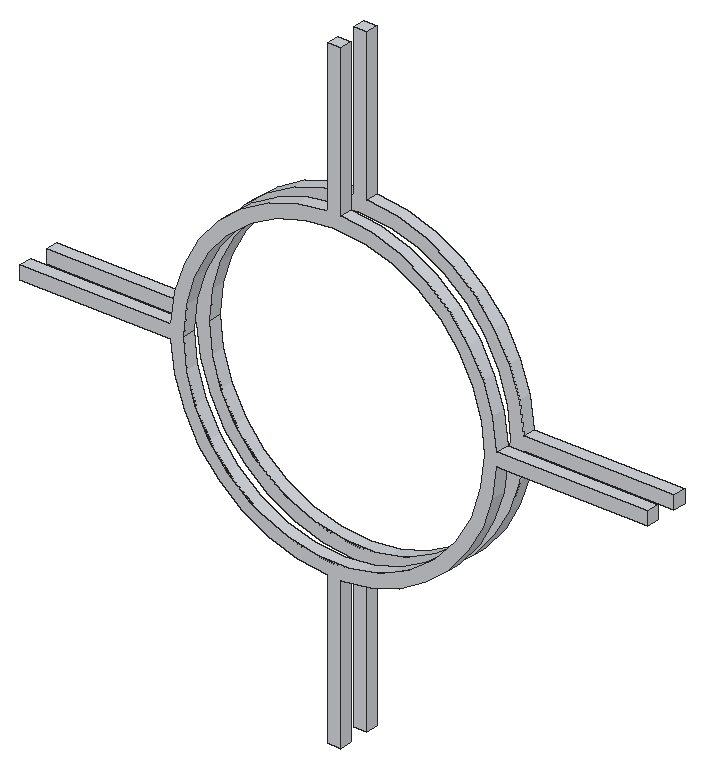
Revit family "412215d93a874b9fa01b81d78bf0e8f5", category Generic Models, Revit 2021
Family settings
  Can host rebar = No
  Round Connector Dimension = Use Diameter
  Part Type = Normal
  Work Plane-Based = No
  Always vertical = Yes
  Cut with Voids When Loaded = No
  Shared = Yes
  Room Calculation Point = No
Parameters
  Thickness = 0' - 0 1/2"
  R Interior = Radius - 0' 0 1/4"  # 0' - 5 3/4"
  R Exterior = Radius + 0' 0 1/4"  # 0' - 6 1/4"
  Width [instance] = 2' - 0"
  Radius = 0' - 6"
  Height [instance] = 2' - 0"
  Interior Material [instance] = none
  Exterior Material [instance] = none
  Distance = 0' - 0 3/4"
  Default Elevation = 0' - 0"
Reference planes (in)
  plane 1 "Center (Front/Back)": y = 0
  plane 2: z = 0
  plane 3 "Center (Left/Right)": x = 0
  plane 4: z = 24
  plane 5: x = -12
  plane 6: x = 12
  plane 7: z = 12
  plane 8 "a": y = 0.375
  plane 9 "b": y = -0.375
  plane 10: z = 12.25
  plane 11: z = 11.75
  plane 12: x = -0.25
  plane 13: x = 0.25
  plane 14: y = 0.875
  plane 15: y = -0.875
  plane 16: x = -6
  plane 17: x = 6
  plane 18: z = 18
  plane 19: z = 6
Forms (in)
  Extrusion 1, solid, material <- "Exterior Material", detail levels fine
    sketch origin (0, 0.375, 0) x (-1, 0, 0) y (0, 0, 1)
      loop
        circle (0, 12) r 5.75
      loop
        arc (6.245, 12.25) -> (4.41942, 16.41942) -> (0.25, 18.245) r 6.25
        line (0.25, 18.245) -> (0.25, 24) -> (-0.25, 24) -> (-0.25, 18.245)
        arc (-0.25, 18.245) -> (-4.41942, 16.41942) -> (-6.245, 12.25) r 6.25
        line (-6.245, 12.25) -> (-12, 12.25) -> (-12, 11.75) -> (-6.245, 11.75)
        arc (-6.245, 11.75) -> (-4.41942, 7.58058) -> (-0.25, 5.755) r 6.25
        line (-0.25, 5.755) -> (-0.25, 0) -> (0.25, 0) -> (0.25, 5.755)
        arc (0.25, 5.755) -> (4.41942, 7.58058) -> (6.245, 11.75) r 6.25
        line (6.245, 11.75) -> (12, 11.75) -> (12, 12.25) -> (6.245, 12.25)
    from 0 to 0.5
  Extrusion 2, solid, material <- "Interior Material", detail levels fine
    sketch origin (0, -0.375, 0) x (-1, 0, 0) y (0, 0, 1)
      loop
        circle (0, 12) r 5.75
      loop
        arc (6.245, 12.25) -> (4.41942, 16.41942) -> (0.25, 18.245) r 6.25
        line (0.25, 18.245) -> (0.25, 24) -> (-0.25, 24) -> (-0.25, 18.245)
        arc (-0.25, 18.245) -> (-4.41942, 16.41942) -> (-6.245, 12.25) r 6.25
        line (-6.245, 12.25) -> (-12, 12.25) -> (-12, 11.75) -> (-6.245, 11.75)
        arc (-6.245, 11.75) -> (-4.41942, 7.58058) -> (-0.25, 5.755) r 6.25
        line (-0.25, 5.755) -> (-0.25, 0) -> (0.25, 0) -> (0.25, 5.755)
        arc (0.25, 5.755) -> (4.41942, 7.58058) -> (6.245, 11.75) r 6.25
        line (6.245, 11.75) -> (12, 11.75) -> (12, 12.25) -> (6.245, 12.25)
    from 0 to -0.5
Lines and regions (in)
  model lines, detail levels medium
    curve 1: circle (0, 0.375, 12) r 6 normal (0, -1, 0)
    curve 2: line (0, 0.375, 24) -> (0, 0.375, 18)
    curve 3: line (6, 0.375, 12) -> (12, 0.375, 12)
    curve 4: line (0, 0.375, 6) -> (0, 0.375, 0)
    curve 5: line (-6, 0.375, 12) -> (-12, 0.375, 12)
    curve 6: line (0, -0.375, 24) -> (0, -0.375, 18)
    curve 7: line (6, -0.375, 12) -> (12, -0.375, 12)
    curve 8: line (0, -0.375, 6) -> (0, -0.375, 0)
    curve 9: line (-6, -0.375, 12) -> (-12, -0.375, 12)
    curve 10: circle (0, -0.375, 12) r 6 normal (0, -1, 0)
Dimensions and locks (in)
  equal spacing: plane 6, plane 3 "Center (Left/Right)", plane 5
  "Width": plane 6 to plane 5
  "Height": plane 4 to plane 2
  equal spacing: plane 4, plane 7, plane 2
  equal spacing: plane 8 "a", plane 1 "Center (Front/Back)", plane 9 "b"
  "Distance": plane 8 "a" to plane 9 "b"
  locked: plane 10 to plane 7 at 0.25
  locked: plane 7 to plane 11 at 0.25
  locked: plane 3 "Center (Left/Right)" to plane 12 at 0.25
  locked: plane 13 to plane 3 "Center (Left/Right)" at 0.25
  "Thickness": plane 14 to plane 8 "a"
  "Thickness": plane 9 "b" to plane 15
  equal spacing: plane 17, plane 3 "Center (Left/Right)", plane 16
  "Radius": plane 3 "Center (Left/Right)" to plane 16
  equal spacing: plane 18, plane 7, plane 19
  "Radius": plane 18 to plane 7
  "Radius": radius of curve 1
  "R Exterior": radius of Extrusion 1 sketch curve  (x4)
  "R Interior": radius of Extrusion 1 sketch curve
  "R Exterior": radius of Extrusion 2 sketch curve  (x4)
  "R Interior": radius of Extrusion 2 sketch curve
  "Radius": radius of curve 10
  aligned and locked: plane 2 to level
  aligned and locked: curve 2 to plane 3 "Center (Left/Right)"
  aligned and locked: plane 7 to curve 5
  aligned and locked: curve 3 to plane 7
  aligned and locked: curve 4 to plane 3 "Center (Left/Right)"
  aligned and locked: Extrusion 1 sketch curve to Extrusion 1 sketch curve  (x4)
  aligned and locked: plane 4 to curve 2
  aligned and locked: plane 5 to curve 5
  aligned and locked: plane 6 to curve 3
  aligned and locked: plane 2 to curve 4
  aligned and locked: Extrusion 1 sketch curve to plane 4
  aligned and locked: Extrusion 1 sketch curve to plane 6
  aligned and locked: Extrusion 1 sketch curve to plane 5
  aligned and locked: Extrusion 1 sketch curve to plane 2
  aligned and locked: plane 8 "a" to Extrusion 1
  aligned and locked: Extrusion 1 sketch curve to plane 10
  aligned and locked: plane 11 to Extrusion 1 sketch curve
  aligned and locked: plane 12 to Extrusion 1 sketch curve
  aligned and locked: Extrusion 1 sketch curve to plane 13
  aligned and locked: Extrusion 1 to plane 14
  aligned and locked: Extrusion 2 sketch curve to Extrusion 2 sketch curve  (x4)
  aligned and locked: plane 15 to Extrusion 2
  aligned and locked: plane 4 to curve 6
  aligned and locked: plane 18 to curve 6
  aligned and locked: plane 16 to curve 9
  aligned and locked: plane 5 to curve 9
  aligned and locked: plane 6 to curve 7
  aligned and locked: plane 17 to curve 7
  aligned and locked: plane 17 to curve 3
  aligned and locked: plane 19 to curve 8
  aligned and locked: plane 19 to curve 4
  aligned and locked: plane 2 to curve 8
Automatic sketch dimensions
  Extrusion 1 sketch curve to Extrusion 1 sketch curve = 0' - 0"  (x20)
  Extrusion 1 sketch curve to plane 3 "Center (Left/Right)" = 0' - 0"
  Extrusion 1 sketch curve to plane 7 = 0' - 0"
  Extrusion 2 sketch curve to Extrusion 2 sketch curve = 0' - 0"  (x20)
  Extrusion 2 sketch curve to plane 6 = 0' - 0"
  Extrusion 2 sketch curve to plane 10 = 0' - 0"
  Extrusion 2 sketch curve to plane 11 = 0' - 0"
  Extrusion 2 sketch curve to level = 0' - 0"
  Extrusion 2 sketch curve to plane 13 = 0' - 0"
  Extrusion 2 sketch curve to plane 3 "Center (Left/Right)" = 0' - 0"
  Extrusion 2 sketch curve to plane 12 = 0' - 0"
  Extrusion 2 sketch curve to plane 5 = 0' - 0"
  Extrusion 2 sketch curve to plane 7 = 0' - 0"
  Extrusion 2 sketch curve to plane 4 = 0' - 0"
  curve 7 to plane 7 = 0' - 0"
  curve 6 to plane 3 "Center (Left/Right)" = 0' - 0"
  curve 8 to plane 3 "Center (Left/Right)" = 0' - 0"
  curve 9 to plane 7 = 0' - 0"
  curve 10 to plane 3 "Center (Left/Right)" = 0' - 0"
  curve 10 to plane 7 = 0' - 0"
